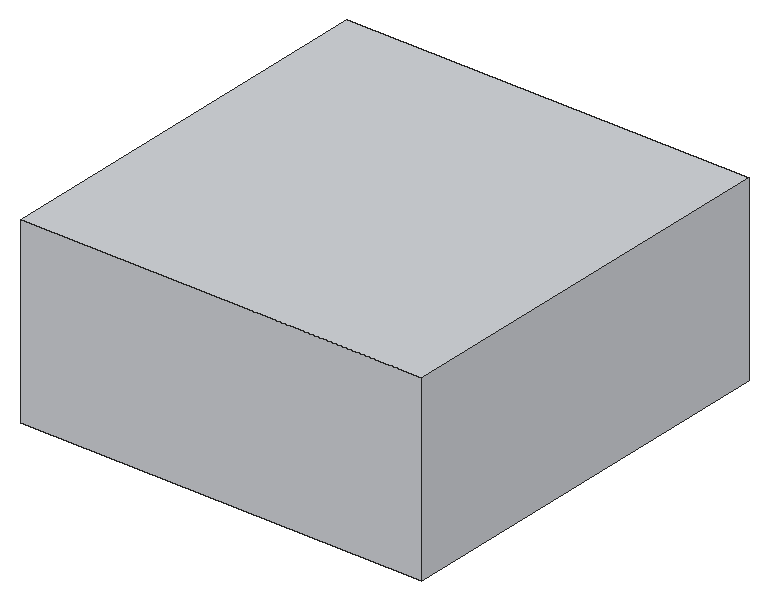
Revit family "6953ca59d6054d1dbaecd3ec2aed5836", category Conduit Fittings, Revit 2021
Family settings
  Round Connector Dimension = Use Radius
  Part Type = Multi Port
  OmniClass Number = 23.80.30.17.11
  OmniClass Title = Conduits
  Work Plane-Based = No
  Always vertical = Yes
  Cut with Voids When Loaded = No
  Shared = No
Parameters (values of type "Double Gang")
  Width 1 [instance] = if(not(Max Nominal Diameter 1234567 > 0' 1"), Conduit Distance, Max Nominal Diameter 1234567 + 0' 0 1/2")  # 1 1/2"
  Width [instance] = if(not(Max Nominal Diameter 1234567 > 0' 1"), Outside Width, 6 * Max Nominal Diameter 1234567)  # 4 5/8"
  Outside Width = 4 5/8"
  Outside Height = 2 1/16"
  Nominal Radius 7 [instance] = 1/4"
  Nominal Radius 6 [instance] = 1/4"
  Nominal Radius 5 [instance] = 1/4"
  Nominal Radius 4 [instance] = 1/4"
  Nominal Radius 3 [instance] = 1/4"
  Nominal Radius 2 [instance] = 1/4"
  Nominal Radius 1 [instance] = 1/4"
  Nominal Diameter 7 [instance] = Nominal Radius 7 * 2  # 1/2"
  Nominal Diameter 6 [instance] = Nominal Radius 6 * 2  # 1/2"
  Nominal Diameter 5 [instance] = Nominal Radius 5 * 2  # 1/2"
  Nominal Diameter 4 [instance] = Nominal Radius 4 * 2  # 1/2"
  Nominal Diameter 3 [instance] = Nominal Radius 3 * 2  # 1/2"
  Nominal Diameter 2 [instance] = Nominal Radius 2 * 2  # 1/2"
  Nominal Diameter 1 [instance] = Nominal Radius 1 * 2  # 1/2"
  Max Nominal Diameter 56 [instance] = if(Nominal Diameter 5 > Nominal Diameter 6, Nominal Diameter 5, Nominal Diameter 6)  # 1/2"
  Max Nominal Diameter 34 [instance] = if(Nominal Diameter 3 > Nominal Diameter 4, Nominal Diameter 3, Nominal Diameter 4)  # 1/2"
  Max Nominal Diameter 1234567 [instance] = if(Max Nominal Diameter 123456 > Nominal Diameter 7, Max Nominal Diameter 123456, Nominal Diameter 7)  # 1/2"
  Max Nominal Diameter 123456 [instance] = if(Max Nominal Diameter 1234 > Max Nominal Diameter 56, Max Nominal Diameter 1234, Max Nominal Diameter 56)  # 1/2"
  Max Nominal Diameter 1234 [instance] = if(Max Nominal Diameter 12 > Max Nominal Diameter 34, Max Nominal Diameter 12, Max Nominal Diameter 34)  # 1/2"
  Max Nominal Diameter 12 [instance] = if(Nominal Diameter 1 > Nominal Diameter 2, Nominal Diameter 1, Nominal Diameter 2)  # 1/2"
  Length [instance] = if(not(Max Nominal Diameter 1234567 > 0' 1"), 0' 4 9/16", 8 * Max Nominal Diameter 1234567)  # 4 9/16"
  Height [instance] = if(not(Max Nominal Diameter 1234567 > 0' 1"), Outside Height, if(Max Nominal Diameter 1234567 < 0' 6", 0' 6", Max Nominal Diameter 1234567 * 1.2))  # 2 1/16"
  Default Elevation = 0' - 0"
  Conduit Distance = 1 1/2"
Types (3): name | Width 1 | Width | Outside Width | Outside Height | Height | Conduit Distance
  (no name) | 1 1/2" | 4 5/8" | 4 5/8" | 2 1/16" | 2 1/16" | 1 1/2"
  Double Gang | 1 1/2" | 4 5/8" | 4 5/8" | 2 1/16" | 2 1/16" | 1 1/2"
  Triple Gang | 1 3/16" | 6 7/16" | 6 7/16" | 2 17/32" | 2 17/32" | 1 3/16"
Reference planes (in)
  plane 1 "Center (Front/Back)": y = 0
  plane 2: z = 0
  plane 3 "Center (Left/Right)": x = 0
  plane 4: y = 2.3125
  plane 5: y = -2.3125
  plane 6: x = 4.5625
  plane 7: z = -1.03125
  plane 8: z = 1.03125
  plane 9: y = 1.5
  plane 10: y = -1.5
Forms (in)
  Extrusion 1, solid
    sketch origin (0, 0, 0) x (1, 0, 0) y (0, 1, 0)
      loop
        line (0, 2.3125) -> (0, -2.3125) -> (4.5625, -2.3125) -> (4.5625, 2.3125) -> (0, 2.3125)
    from -1.03125 to 1.03125
  Extrusion 2, solid
    sketch origin (0, 0, 0) x (0, 1, 0) y (0, 0, 1)
      loop
        circle (1.5, 0) r 0.25
      loop
        circle (-1.5, 0) r 0.25
    from 0 to 4.5625
Cuts and joins
  joined: Extrusion 1, Extrusion 2
Dimensions and locks (in)
  equal spacing: plane 4, plane 1 "Center (Front/Back)", plane 5
  "Width": plane 4 to plane 5
  equal spacing: plane 8, plane 2, plane 7
  locked: level to plane 2
  "Height": plane 8 to plane 7
  "Length": plane 3 "Center (Left/Right)" to plane 6
  "Width 1": plane 9 to plane 1 "Center (Front/Back)"
  "Width 1": plane 1 "Center (Front/Back)" to plane 10
  "Nominal Radius 1": radius of Extrusion 2 sketch curve  (x2)
  aligned and locked: Extrusion 1 sketch curve to plane 4
  aligned and locked: plane 5 to Extrusion 1 sketch curve
  aligned and locked: Extrusion 1 sketch curve to plane 6
  aligned: Extrusion 1 to plane 2
  aligned and locked: Extrusion 1 to plane 7
  aligned and locked: plane 8 to Extrusion 1
  aligned and locked: Extrusion 1 to plane 3 "Center (Left/Right)"
  aligned and locked: plane 2 to Extrusion 2 sketch curve  (x2)
  aligned and locked: plane 10 to Extrusion 2 sketch curve
  aligned and locked: plane 9 to Extrusion 2 sketch curve
  aligned and locked: Extrusion 2 to plane 3 "Center (Left/Right)"
  aligned and locked: plane 6 to Extrusion 2
Automatic sketch dimensions
  plane 3 "Center (Left/Right)" to Extrusion 1 sketch curve = 0' - 0"
Connectors (in)
  cabletrayconduit at (0, 0, 0), diameter 0.5, driven by "Nominal Radius 1"
    settings: on Extrusion 1, index 1, connector width 1' - 0", connector height 1' - 0", connector angle 0.00°, system type 32, placement type 0, profile type 0, connector reference index 4, is primary connector yes, connector utility param no, connector description ""
  cabletrayconduit at (0, 1.5, 0), diameter 0.5, driven by "Nominal Radius 2"
    settings: on Extrusion 2, index 2, connector width 1' - 0", connector height 1' - 0", connector angle 0.00°, system type 32, placement type 0, profile type 0, connector reference index 5, is primary connector no, connector utility param no, connector description ""
  cabletrayconduit at (0, -1.5, 0), diameter 0.5, driven by "Nominal Radius 3"
    settings: on Extrusion 2, index 3, connector width 1' - 0", connector height 1' - 0", connector angle 0.00°, system type 32, placement type 0, profile type 0, connector reference index 6, is primary connector no, connector utility param no, connector description ""
  cabletrayconduit at (4.5625, 0, 0), diameter 0.5, driven by "Nominal Radius 4"
    settings: on Extrusion 1, index 4, connector width 1' - 0", connector height 1' - 0", connector angle 0.00°, system type 32, placement type 0, profile type 0, connector reference index 1, is primary connector no, connector utility param no, connector description ""
  cabletrayconduit at (4.5625, 1.5, 0), diameter 0.5, driven by "Nominal Radius 5"
    settings: on Extrusion 2, index 5, connector width 1' - 0", connector height 1' - 0", connector angle 0.00°, system type 32, placement type 0, profile type 0, connector reference index 2, is primary connector no, connector utility param no, connector description ""
  cabletrayconduit at (4.5625, -1.5, 0), diameter 0.5, driven by "Nominal Radius 6"
    settings: on Extrusion 2, index 6, connector width 1' - 0", connector height 1' - 0", connector angle 0.00°, system type 32, placement type 0, profile type 0, connector reference index 3, is primary connector no, connector utility param no, connector description ""
  cabletrayconduit at (2.28125, 0, -1.03125), diameter 0.5, driven by "Nominal Radius 7"
    settings: on Extrusion 1, index 7, connector width 1' - 0", connector height 1' - 0", connector angle 0.00°, system type 32, placement type 0, profile type 0, connector reference index -1, is primary connector no, connector utility param no, connector description ""
